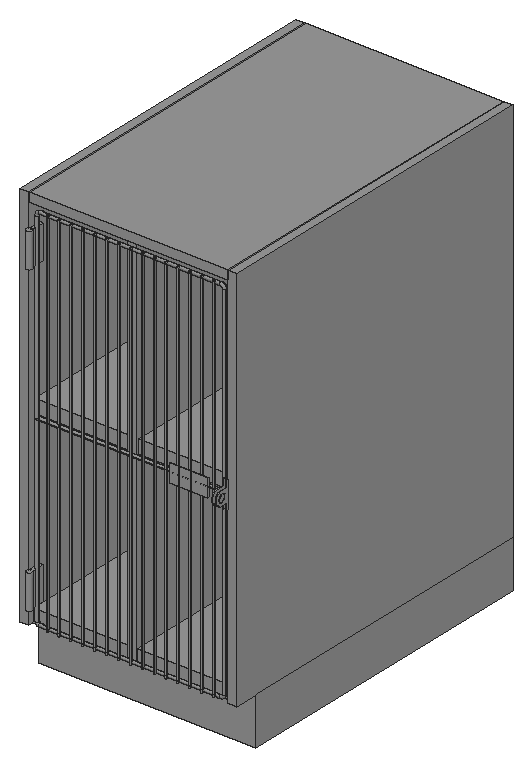
Revit family "TMI_M3090-Music_WireDoors1", category Casework, Revit 2016
Family settings
  OmniClass Number = 23.40.35.14.11
  OmniClass Title = Modular Casework
  Work Plane-Based = No
  Always vertical = Yes
  Cut with Voids When Loaded = No
  Shared = No
  Room Calculation Point = No
Parameters (values of type "18 1/4" x 36-5/8" x 29"")
  URL = "www.tmisystems.com"
  Toe Kick Height = 4"
  Toe Kick Depth = 2"
  Shelf Thickness = 1 1/8"
  Model = "M3090/M5090"
  Manufacturer = "TMI Systems Corporation"
  Interior Finish = none
  Individual Wire Grille Doors [instance] = not(Full Height Wire Grille Door)  # no
  Full Height Wire Grille Door [instance] = yes
  Filler Width (Hinge) [instance] = 3"
  Filler (Pull Side) [instance] = no
  Filler (Hinge Side) [instance] = no
  Filler Width (Pull) [instance] = 3"
  Description = "Clarinet, Flute, Oboe, Piccolo"
  Depth = 29"
  Height = Countertop Height - Countertop Thickness  # 36 5/8"
  Width = 18 1/4"
  Countertop Thickness = 1 1/4"
  Countertop Height = 37 7/8"
  Casework Thickness = 3/4"
  Casework Back Thickness = 1/2"
  Cabinet Finish = Plastic Laminate
  Assembly Code = ""
Types (2): name | Depth
  18 1/4" x 36-5/8" x 29" | 29"
  18 1/4" x 36-5/8" x 39" | 39"
Reference planes (in)
  plane 1 "Back": y = 5
  plane 2: z = 0
  plane 3 "Center (Left/Right)": x = 0.7377
  plane 4 "Left": x = -8.3873
  plane 5 "Right": x = 9.8627
  plane 6 "Front": y = -24
  plane 7 "Top": z = 36.625
  plane 8: y = 4.375
  plane 9: x = -7.6373
  plane 10: x = 9.1127
  plane 11: z = 35.875
  plane 12: y = 4.875
  plane 13: y = -22
  plane 14: z = 4
  plane 15: z = 5.125
  plane 16: x = 0.3627
  plane 17: x = 1.1127
  plane 18: z = 19.75
  plane 19: z = 20.875
  plane 20: y = -23.25
  plane 21: y = -23.625
  plane 22: y = -22.875
  plane 23: y = -21.25
  plane 24: y = -23.49894
  plane 25: z = 35.375
  plane 26: y = -23.60938
Forms (in)
  Extrusion 1, solid, material "Plastic Laminate" <- "Cabinet Finish"
    sketch origin (0, 0.21844, 0) x (1, 0, 0) y (0, 1, 0)
      loop
        line (-8.3873, 4.78156) -> (-8.3873, -24.21844) -> (-7.6373, -24.21844) -> (-7.6373, 4.78156) -> (-8.3873, 4.78156)
      loop
        line (9.1127, 4.78156) -> (9.1127, -24.21844) -> (9.8627, -24.21844) -> (9.8627, 4.78156) -> (9.1127, 4.78156)
    from 4 to 36.625
  Extrusion 2, solid, material "Plastic Laminate" <- "Cabinet Finish"
    sketch origin (0.05747, 11.94613, 0) x (1, 0, 0) y (0, 0, 1)
      loop
        line (-7.69476, 5.125) -> (-7.69476, 4) -> (9.05524, 4) -> (9.05524, 5.125) -> (-7.69476, 5.125)
    from 6.94613 to 35.5555
  Extrusion 3, solid, material "Plastic Laminate" <- "Cabinet Finish"
    sketch origin (0, 0.5, 0) x (1, 0, 0) y (0, 1, 0)
      loop
        line (-7.6373, 4.375) -> (-7.6373, 3.875) -> (9.1127, 3.875) -> (9.1127, 4.375) -> (-7.6373, 4.375)
    from 36.254 to 4.75431
  Extrusion 4, solid, material "Plastic Laminate" <- "Cabinet Finish", visible <- "Filler (Pull Side)"
    sketch origin (0, -24, 0) x (1, 0, 0) y (0, 0, 1)
      loop
        line (9.8627, 36.625) -> (9.8627, 4) -> (12.8627, 4) -> (12.8627, 36.625) -> (9.8627, 36.625)
    from -0.75 to 0
  Extrusion 5, solid, material "Plastic Laminate" <- "Cabinet Finish", visible <- "Filler (Hinge Side)"
    sketch origin (0, -24, 0) x (1, 0, 0) y (0, 0, 1)
      loop
        line (-11.3873, 36.625) -> (-11.3873, 4) -> (-8.3873, 4) -> (-8.3873, 36.625) -> (-11.3873, 36.625)
    from -0.75 to 0
  Extrusion 6, solid, material "Wood"
    sketch origin (0, 0, 0) x (1, 0, 0) y (0, 0, 1)
      loop
        line (9.8627, 4) -> (-8.3873, 4) -> (-8.3873, 0) -> (9.8627, 0) -> (9.8627, 4)
    from -5 to 22
  Extrusion 7, solid, material "Wood", visible <- "Filler (Pull Side)"
    sketch origin (0, 0, 0) x (1, 0, 0) y (0, 0, 1)
      loop
        line (12.8627, 4) -> (9.8627, 4) -> (9.8627, 0) -> (12.8627, 0) -> (12.8627, 4)
    from 21.25 to 22
  Extrusion 8, solid, material "Wood", visible <- "Filler (Hinge Side)"
    sketch origin (0, 0, 0) x (1, 0, 0) y (0, 0, 1)
      loop
        line (-8.3873, 4) -> (-11.3873, 4) -> (-11.3873, 0) -> (-8.3873, 0) -> (-8.3873, 4)
    from 21.25 to 22
  Extrusion 9, solid, material "Plastic Laminate" <- "Cabinet Finish"
    sketch origin (0, -24, 0) x (1, 0, 0) y (0, 0, 1)
      loop
        line (-7.6373, 36.625) -> (-7.6373, 35.875) -> (9.1127, 35.875) -> (9.1127, 36.625) -> (-7.6373, 36.625)
    from -29 to 0
  Extrusion 10, solid, material "Plastic Laminate" <- "Cabinet Finish"
    sketch origin (0, -24, 0) x (1, 0, 0) y (0, 0, 1)
      loop
        line (-7.6373, 20.875) -> (-7.6373, 19.75) -> (9.1127, 19.75) -> (9.1127, 20.875) -> (-7.6373, 20.875)
    from -28.375 to -0.50106
  Extrusion 11, solid, material "Plastic Laminate" <- "Cabinet Finish", visible <- "Individual Wire Grille Doors"
    sketch origin (0, 5, 0) x (1, 0, 0) y (0, 0, 1)
      loop
        line (0.3627, 35.875) -> (0.3627, 4) -> (1.1127, 4) -> (1.1127, 35.875) -> (0.3627, 35.875)
    from 0.625 to 29
  Extrusion 12, solid, material "Plastic Laminate" <- "Cabinet Finish"
    sketch origin (20, 5, 0) x (1, 0, 0) y (0, 0, 1)
      loop
        line (-19.6373, 35.875) -> (-19.6373, 4) -> (-18.8873, 4) -> (-18.8873, 35.875) -> (-19.6373, 35.875)
    from 0.625 to 28.625
Lines and regions (in)
  Masking region 1
    outline origin (0, 0, 0) x (1, 0, 0) y (0, 1, 0)
      loop
        line (-8.3873, 5) -> (-8.3873, -24) -> (9.8627, -24) -> (9.8627, 5) -> (-8.3873, 5)
  Masking region 2, visible <- "Filler (Hinge Side)"
    outline origin (0, 0, 0) x (1, 0, 0) y (0, 1, 0)
      loop
        line (-11.3873, -23.25) -> (-11.3873, -24) -> (-8.3873, -24) -> (-8.3873, -23.25) -> (-11.3873, -23.25)
  Masking region 3, visible <- "Filler (Pull Side)"
    outline origin (0, 0, 0) x (1, 0, 0) y (0, 1, 0)
      loop
        line (9.8627, -23.25) -> (9.8627, -24) -> (12.8627, -24) -> (12.8627, -23.25) -> (9.8627, -23.25)
  symbolic lines, style "CaseworkHiddenLines"
    curve 1: line (0.8002, -24, 0) -> (0.6752, -24, 0)
    curve 2: line (0.6752, -24, 4) -> (0.8002, -24, 4)
Dimensions and locks (in)
  "Width": plane 4 "Left" to plane 5 "Right"
  equal spacing: plane 4 "Left", plane 3 "Center (Left/Right)", plane 5 "Right"  (x2)
  "Casework Thickness": plane 4 "Left" to plane 9
  "Casework Thickness": plane 10 to plane 5 "Right"
  "Casework Thickness": plane 7 "Top" to plane 11
  "Filler Width (Pull)": plane 5 "Right" to Extrusion 4
  "Filler Width (Hinge)": Extrusion 5 to plane 4 "Left"
  "Depth": plane 6 "Front" to plane 1 "Back"
  "Casework Back Thickness": plane 12 to plane 8
  plane 12 to plane 1 "Back" = 1/8"
  locked: plane 11 to Extrusion 3 at 0.379
  locked: plane 15 to Extrusion 3 at 0.37069
  "Toe Kick Depth": plane 6 "Front" to plane 13
  equal spacing: plane 17, plane 3 "Center (Left/Right)", plane 16
  "Casework Thickness": plane 17 to plane 16
  "Shelf Thickness": plane 19 to plane 18
  plane 21 to plane 6 "Front" = 3/8"
  plane 22 to plane 21 = 3/4"
  locked: plane 23 to plane 13 at 0.75
  locked: plane 6 "Front" to plane 20 at 0.75
  "Height": plane 7 "Top" to level
  "Toe Kick Height": plane 14 to level
  "Shelf Thickness": plane 15 to plane 14
  equal spacing: plane 7 "Top", plane 19, plane 15
  locked: plane 6 "Front" to plane 24 at 0.50106
  locked: plane 11 to plane 25 at 0.5
  locked: plane 21 to plane 26 at 0.01562
  aligned and locked: plane 2 to level
  aligned and locked: Extrusion 1 sketch curve to plane 4 "Left"
  aligned and locked: Extrusion 1 sketch curve to plane 9
  aligned and locked: Extrusion 1 sketch curve to plane 10
  aligned and locked: Extrusion 1 sketch curve to plane 5 "Right"
  aligned and locked: Extrusion 1 to plane 1 "Back"  (x2)
  aligned and locked: Extrusion 3 sketch curve to plane 10
  aligned and locked: plane 9 to Extrusion 3 sketch curve
  aligned and locked: plane 7 "Top" to Extrusion 4 sketch curve
  aligned and locked: Extrusion 4 sketch curve to plane 5 "Right"
  aligned and locked: plane 7 "Top" to Extrusion 5 sketch curve
  aligned and locked: Extrusion 7 to Extrusion 6
  aligned and locked: Extrusion 8 to Extrusion 6
  aligned and locked: plane 14 to Extrusion 8
  aligned and locked: plane 14 to Extrusion 6
  aligned and locked: plane 14 to Extrusion 7
  aligned and locked: Extrusion 4 to plane 14
  aligned and locked: Extrusion 5 to plane 14
  aligned and locked: Extrusion 1 to plane 14
  aligned and locked: Extrusion 2 to plane 14
  aligned and locked: plane 15 to Extrusion 2
  aligned and locked: Extrusion 1 to Extrusion 2
  aligned and locked: Extrusion 6 to Extrusion 1
  aligned and locked: Masking region 1 sketch curve to plane 4 "Left"
  aligned and locked: plane 1 "Back" to Masking region 1 sketch curve
  aligned and locked: Masking region 1 sketch curve to plane 5 "Right"
  aligned and locked: Extrusion 1 to plane 7 "Top"
  aligned and locked: Extrusion 7 to plane 13
  aligned and locked: plane 4 "Left" to Masking region 2 sketch curve
  aligned and locked: Masking region 3 sketch curve to plane 5 "Right"
  aligned and locked: plane 6 "Front" to Extrusion 1  (x2)
  aligned and locked: plane 6 "Front" to Masking region 1
  aligned and locked: plane 6 "Front" to Extrusion 4
  aligned and locked: plane 6 "Front" to Extrusion 5
  aligned and locked: plane 23 to Extrusion 7
  aligned and locked: plane 23 to Extrusion 8
  aligned and locked: plane 20 to Extrusion 4
  aligned and locked: plane 20 to Extrusion 5
  aligned and locked: plane 6 "Front" to Masking region 3
  aligned and locked: plane 6 "Front" to Masking region 2
  aligned and locked: Extrusion 4 to Extrusion 7
  aligned and locked: Masking region 3 to Extrusion 4
  aligned and locked: Extrusion 8 to Extrusion 5
  aligned and locked: Masking region 2 to Extrusion 5
  aligned and locked: plane 20 to Masking region 2
  aligned and locked: plane 20 to Masking region 3
  aligned and locked: Extrusion 5 to plane 20
  aligned and locked: Extrusion 3 to plane 8
  aligned and locked: plane 12 to Extrusion 3
  aligned and locked: Extrusion 9 sketch curve to plane 10
  aligned and locked: plane 9 to Extrusion 9 sketch curve
  aligned and locked: Extrusion 9 sketch curve to plane 11
  aligned and locked: plane 7 "Top" to Extrusion 9 sketch curve
  aligned and locked: Extrusion 9 to plane 1 "Back"
  aligned and locked: plane 6 "Front" to Extrusion 9
  aligned and locked: plane 19 to Extrusion 10 sketch curve
  aligned and locked: plane 18 to Extrusion 10 sketch curve
  aligned and locked: plane 9 to Extrusion 10 sketch curve
  aligned and locked: plane 10 to Extrusion 10 sketch curve
  aligned and locked: plane 8 to Extrusion 10
  aligned and locked: plane 24 to Extrusion 10
  aligned and locked: plane 14 to Extrusion 11 sketch curve
  aligned and locked: plane 11 to Extrusion 11 sketch curve
  aligned and locked: plane 17 to Extrusion 11 sketch curve
  aligned and locked: plane 16 to Extrusion 11 sketch curve
  aligned and locked: plane 8 to Extrusion 11
  aligned and locked: plane 6 "Front" to Extrusion 11
  aligned and locked: Extrusion 12 to plane 14
  aligned and locked: Extrusion 12 to plane 11
  aligned and locked: Extrusion 12 to plane 16
  aligned and locked: plane 8 to Extrusion 12
  aligned and locked: plane 21 to Extrusion 12
  aligned and locked: Extrusion 12 to plane 17
  aligned and locked: nested 1 to plane 17
  aligned and locked: nested 1 to plane 14
  aligned and locked: plane 25 to nested 4
  aligned and locked: plane 25 to nested 3
  aligned and locked: nested 2 to plane 14
  aligned and locked: plane 9 to nested 2
  aligned and locked: plane 9 to nested 4
  aligned and locked: nested 3 to plane 17
  aligned and locked: nested 3 to plane 6 "Front"
  aligned and locked: nested 1 to plane 6 "Front"
  aligned and locked: nested 4 to plane 6 "Front"
  aligned and locked: nested 2 to plane 6 "Front"
  aligned and locked: nested 5 to plane 6 "Front"
  aligned and locked: nested 5 to plane 14
  aligned and locked: plane 9 to nested 5
  aligned and locked: plane 26 to Extrusion 2
Automatic sketch dimensions
  curve 1 to level = 0"
  curve 2 to plane 14 = 0"
  curve 1 to plane 3 "Center (Left/Right)" = 1/16"
  curve 2 to plane 3 "Center (Left/Right)" = 1/16"
  plane 3 "Center (Left/Right)" to curve 2 = 1/16"
  plane 3 "Center (Left/Right)" to curve 1 = 1/16"
  plane 6 "Front" to Extrusion 1 sketch curve = 0"  (x2)
  plane 1 "Back" to Extrusion 1 sketch curve = 0"  (x2)
  Extrusion 2 sketch curve to plane 9 = 0"
  plane 10 to Extrusion 2 sketch curve = 0"
  Extrusion 2 sketch curve to plane 14 = 0"
  Extrusion 2 sketch curve to plane 15 = 0"
  Extrusion 3 sketch curve to plane 8 = 0"
  Extrusion 3 sketch curve to plane 12 = 0"
  Extrusion 4 sketch curve to plane 14 = 0"
  Extrusion 4 sketch curve to plane 5 "Right" = 3"
  Extrusion 5 sketch curve to plane 14 = 0"
  plane 4 "Left" to Extrusion 5 sketch curve = 0"
  Extrusion 5 sketch curve to Extrusion 5 sketch curve = 3"
  plane 4 "Left" to Extrusion 6 sketch curve = 0"
  Extrusion 6 sketch curve to level = 0"
  plane 5 "Right" to Extrusion 6 sketch curve = 0"
  Extrusion 6 sketch curve to plane 14 = 0"
  plane 5 "Right" to Extrusion 7 sketch curve = 0"
  Extrusion 7 sketch curve to level = 0"
  Extrusion 7 sketch curve to plane 14 = 0"
  Extrusion 7 sketch curve to plane 5 "Right" = 3"
  Extrusion 8 sketch curve to plane 14 = 0"
  Extrusion 8 sketch curve to level = 0"
  plane 4 "Left" to Extrusion 8 sketch curve = 0"
  Extrusion 8 sketch curve to Extrusion 8 sketch curve = 3"
  plane 6 "Front" to Masking region 1 sketch curve = 0"
  plane 6 "Front" to Masking region 2 sketch curve = 0"
  Masking region 2 sketch curve to plane 20 = 0"
  plane 4 "Left" to Masking region 2 sketch curve = 3"
  plane 6 "Front" to Masking region 3 sketch curve = 0"
  Masking region 3 sketch curve to plane 20 = 0"
  Masking region 3 sketch curve to Masking region 3 sketch curve = 3"
  Extrusion 12 sketch curve to plane 14 = 0"
  Extrusion 12 sketch curve to plane 11 = 0"
  plane 5 "Right" to Extrusion 12 sketch curve = 9 1/2"
  Extrusion 12 sketch curve to Extrusion 12 sketch curve = 3/4"
Nested families (in)
  nested 1: "Individual Wire Grille Doors 27in Wide" at (5.11185, -23.76369, 4), visible <- "Individual Wire Grille Doors", type "Individual Wire Grille Doors 27in Wide"
    with Number of Verticle Bars 6, Bar Spacing 1"
  nested 2: "Individual Wire Grille Doors 27in Wide" at (-3.63815, -23.76369, 4), visible <- "Individual Wire Grille Doors", type "Individual Wire Grille Doors 27in Wide"
    with Number of Verticle Bars 6, Bar Spacing 1"
  nested 3: "Individual Wire Grille Doors 27in Wide" at (5.11185, -23.76369, 19.75), visible <- "Individual Wire Grille Doors", type "Individual Wire Grille Doors 27in Wide"
    with Number of Verticle Bars 6, Bar Spacing 1"
  nested 4: "Individual Wire Grille Doors 27in Wide" at (-3.63815, -23.76369, 19.75), visible <- "Individual Wire Grille Doors", type "Individual Wire Grille Doors 27in Wide"
    with Number of Verticle Bars 6, Bar Spacing 1"
  nested 5: "Full Height Wire Grille Door 18in Wide (Base)" at (5.11185, -23.76369, 4), visible <- "Full Height Wire Grille Door", type "Full Height Wire Grille Door 18in Wide (Base)"
    with Number of Verticle Bars 15, Bar Spacing 1"
Definition of nested family "Individual Wire Grille Doors 27in Wide"
  Parameters (values of type "Individual Wire Grille Doors 27in Wide")
    Width = 7"
    Pull height from Bottom of Casework = 33 13/16"
    Number of Verticle Bars [instance] = (Width / Bar Spacing) - 1  # 6
    Height = 15 5/8"
    Distance of Hinge from Edge of Casework = 2 13/16"
    Bar Spacing [instance] = 1"
  Reference planes (in)
    plane 1 "Center (Front/Back)": y = 0
    plane 2: z = 0
    plane 3 "Center (Left/Right)": x = 0
    plane 4: x = -3.62415
    plane 5: x = -3.37585
    plane 6: z = 15.625
    plane 7: z = 15.375
    plane 8: z = 15.5
    plane 9: x = -3.5
    plane 10: x = 3.63138
    plane 11: x = 3.36862
    plane 12: x = 3.5
    plane 13: z = 0.25
    plane 14: z = 0.125
    plane 15: y = -0.125
    plane 16: z = 7.8125
    plane 17: y = -0.17188
    plane 18: x = -2.5
    plane 19: y = 0.28516
    plane 20: x = 4.00638
    plane 21: y = -0.23631
    plane 22: z = 2.8125
    plane 23: z = 12.8125
    plane 24: z = 8.93853
    plane 25: z = 7.8125
  Forms (in)
    Sweep 1, solid
      path origin (0, 0, 0) x (1, 0, 0) y (0, 0, 1)
        loop
          arc (-3.25, 15.5) -> (-3.42678, 15.42678) -> (-3.5, 15.25) r 0.25
          line (-3.5, 15.25) -> (-3.5, 0.375)
          arc (-3.5, 0.375) -> (-3.42678, 0.19822) -> (-3.25, 0.125) r 0.25
          line (-3.25, 0.125) -> (3.25, 0.125)
          arc (3.25, 0.125) -> (3.42678, 0.19822) -> (3.5, 0.375) r 0.25
          line (3.5, 0.375) -> (3.5, 15.25)
          arc (3.5, 15.25) -> (3.42678, 15.42678) -> (3.25, 15.5) r 0.25
          line (3.25, 15.5) -> (-3.25, 15.5)
      profile "4 Circle : 4 Circle" origin (0, 0, 15.5) x (0, 0, 1) y (0, -1, 0)
        loop
          circle (0, 0) r 0.125
    Extrusion 2, solid
      sketch origin (0, 0, 0) x (0, 1, 0) y (0, 0, 1)
        loop
          circle (0, 7.8125) r 0.125
      from -3.5 to 3.5
    Extrusion 3, solid
      sketch origin (0.0625, 0, 0) x (1, 0, 0) y (0, 1, 0)
        loop
          circle (-2.5625, -0.17188) r 0.0625
      from 0 to 15.625
    Extrusion 4, solid
      sketch origin (1.0625, 0, 0) x (1, 0, 0) y (0, 1, 0)
        loop
          circle (-2.5625, -0.17188) r 0.0625
      from 0 to 15.625
    Extrusion 5, solid
      sketch origin (2.0625, 0, 0) x (1, 0, 0) y (0, 1, 0)
        loop
          circle (-2.5625, -0.17188) r 0.0625
      from 0 to 15.625
    Extrusion 6, solid
      sketch origin (3.0625, 0, 0) x (1, 0, 0) y (0, 1, 0)
        loop
          circle (-2.5625, -0.17188) r 0.0625
      from 0 to 15.625
    Extrusion 7, solid
      sketch origin (4.0625, 0, 0) x (1, 0, 0) y (0, 1, 0)
        loop
          circle (-2.5625, -0.17188) r 0.0625
      from 0 to 15.625
    Extrusion 8, solid
      sketch origin (5.0625, 0, 0) x (1, 0, 0) y (0, 1, 0)
        loop
          circle (-2.5625, -0.17188) r 0.0625
      from 0 to 15.625
    Extrusion 9, solid
      sketch origin (0, 0, 0) x (1, 0, 0) y (0, 0, 1)
        loop
          line (-0.80612, 8.5625) -> (-0.80612, 7.0625) -> (2.38138, 7.0625) -> (2.38138, 8.5625) -> (-0.80612, 8.5625)
      from 0.23631 to 0.33984
  Lines and regions (in)
    model lines
      curve 1: line (3.5, 0, 15.5) -> (-3.5, 0, 7.8125)
      curve 2: line (-3.5, 0, 7.8125) -> (3.5, 0, 0.125)
  Dimensions and locks (in)
    locked: plane 6 to plane 7 at 0.25
    equal spacing: plane 6, plane 8, plane 7
    equal spacing: plane 4, plane 9, plane 5
    locked: plane 4 to plane 5 at 0.24829
    equal spacing: plane 10, plane 12, plane 11
    plane 10 to plane 11 = 0.26276"
    equal spacing: plane 13, plane 14, plane 2
    locked: plane 13 to plane 2 at 0.25
    equal spacing: plane 12, plane 3 "Center (Left/Right)", plane 9
    locked: plane 15 to plane 1 "Center (Front/Back)" at 0.125
    "Width": plane 12 to plane 9
    "Height": plane 6 to plane 2
    plane 8 to plane 14 = 15 3/8"
    "Bar Spacing": plane 9 to plane 18
    locked: plane 15 to plane 17 at 0.04688
    plane 1 "Center (Front/Back)" to plane 19 = 73/256"
    locked: plane 10 to plane 20 at 0.375
    locked: plane 17 to plane 21 at 0.06444
    "Distance of Hinge from Edge of Casework": plane 6 to plane 23
    "Distance of Hinge from Edge of Casework": plane 22 to plane 2
    locked: plane 24 to plane 16 at 1.12603
    equal spacing: group 1, group 2, group 3, group 4, group 5, group 6  (x3)
    equal spacing: plane 6, plane 16, level
    locked: Extrusion 9 sketch curve to Extrusion 9 sketch curve at 3.1875
    locked: Extrusion 9 sketch curve to nested 1 at 1.25
    equal spacing: Extrusion 9 sketch curve, plane 25, Extrusion 9 sketch curve
    locked: Extrusion 9 sketch curve to Extrusion 9 sketch curve at 1.5
    aligned and locked: plane 12 to Sweep 1 sketch curve
    aligned and locked: Sweep 1 sketch curve to plane 8
    aligned and locked: plane 9 to Sweep 1 sketch curve
    aligned and locked: plane 14 to Sweep 1 sketch curve
    aligned and locked: nested 1 to plane 10
    aligned and locked: plane 19 to nested 1
    aligned and locked: plane 19 to nested 2
    aligned and locked: plane 10 to nested 1
    aligned and locked: nested 3 to plane 4
    aligned and locked: nested 3 to plane 21
    aligned and locked: nested 3 to plane 23
    aligned and locked: nested 4 to plane 4
    aligned and locked: nested 4 to plane 21
    aligned and locked: nested 4 to plane 22
    aligned and locked: Extrusion 2 to plane 9
    aligned and locked: Extrusion 2 to plane 12
    aligned and locked: Extrusion 3 to plane 2
    aligned and locked: plane 20 to nested 2
    aligned and locked: plane 17 to Extrusion 3
    aligned and locked: nested 2 to plane 24
    aligned and locked: nested 1 to plane 24
    aligned and locked: plane 6 to Extrusion 3
    aligned and locked: plane 16 to plane 25
    aligned and locked: plane 21 to Extrusion 9
    aligned and locked: nested 1 to Extrusion 9
  Automatic sketch dimensions
    plane 5 to Sweep 1 sketch curve = 0.12585"
    Sweep 1 sketch curve to Sweep 1 sketch curve = 1/4"  (x2)
    plane 11 to Sweep 1 sketch curve = 0.11862"
    Extrusion 2 sketch curve to plane 1 "Center (Front/Back)" = 0"
    Extrusion 2 sketch curve to plane 16 = 0"
    curve 2 to plane 9 = 0"
    plane 12 to curve 2 = 0"
    curve 1 to plane 8 = 0"
    plane 12 to curve 1 = 0"
    curve 2 to plane 14 = 0"
    curve 2 to plane 16 = 0"
    radius of Extrusion 2 sketch curve = 1/8"
    radius of Extrusion 3 sketch curve = 1/16"
    radius of Extrusion 4 sketch curve = 1/16"
    radius of Extrusion 5 sketch curve = 1/16"
    radius of Extrusion 6 sketch curve = 1/16"
    radius of Extrusion 7 sketch curve = 1/16"
    radius of Extrusion 8 sketch curve = 1/16"
  Nested families (in)
    nested 1: "Pad Lock" at (3.63138, -0.33984, 7.81353), type "Pad Lock"
    nested 2: "Pad Lock" at (3.94388, -0.33984, 7.81353), type "Pad Lock"
    nested 3: "5k hinge (music)" at (-3.8429, 0.76369, 11.40625) x (-1, 0, 0) z (0, 0, 1), type "5k hinge (music)"
      with Width 16"
    nested 4: "5k hinge (music)" at (-3.8429, 0.76369, 1.40625) x (-1, 0, 0) z (0, 0, 1), type "5k hinge (music)"
      with Width 16"
  Definition of nested family "Pad Lock"
    Reference planes (in)
      plane 1 "Center (Front/Back)": y = 0
      plane 2: z = 0
      plane 3 "Center (Left/Right)": x = 0
      plane 4: z = 1.125
      plane 5: z = -1.125
      plane 6: y = -1.125
      plane 7: y = 0.625
      plane 8: y = -0.5625
      plane 9: x = 0.0625
    Forms (in)
      Extrusion 1, solid
        sketch origin (0, 0.00036, 0.01611) x (0, 0, 1) y (0, -1, 0)
          loop
            line (0.98389, 0) -> (0.56967, 0) -> (0.56967, 0.56286)
            arc (0.56967, 0.56286) -> (0, 1.13253) -> (-0.56967, 0.56286) r 0.56967
            line (-0.56967, 0.56286) -> (-0.56967, 0) -> (-1.01611, 0)
            arc (-1.01611, 0) -> (-1.1045, -0.03661) -> (-1.14111, -0.125) r 0.125
            line (-1.14111, -0.125) -> (-1.14111, -0.62464) -> (1.10889, -0.62464) -> (1.10889, -0.125)
            arc (1.10889, -0.125) -> (1.07227, -0.03661) -> (0.98389, 0) r 0.125
          loop
            circle (0, 0.56286) r 0.375
        from 0 to 0.0625
    Dimensions and locks (in)
      locked: plane 4 to plane 5 at 2.25
      locked: plane 6 to plane 7 at 1.75
      locked: plane 9 to plane 3 "Center (Left/Right)" at 0.0625
      equal spacing: plane 1 "Center (Front/Back)", plane 8, plane 6
      locked: plane 7 to plane 1 "Center (Front/Back)" at 0.625
      equal spacing: plane 5, plane 2, plane 4
      aligned and locked: plane 2 to level
      aligned and locked: plane 9 to Extrusion 1
    Automatic sketch dimensions
      Extrusion 1 sketch curve to Extrusion 1 sketch curve = 0"  (x2)
      Extrusion 1 sketch curve to plane 5 = 0"
      Extrusion 1 sketch curve to plane 8 = 0"
      plane 4 to Extrusion 1 sketch curve = 0"
      Extrusion 1 sketch curve to plane 7 = 0"
      Extrusion 1 sketch curve to plane 1 "Center (Front/Back)" = 0.00036"
      plane 5 to Extrusion 1 sketch curve = 1/8"
      Extrusion 1 sketch curve to level = 0.55355"
      level to Extrusion 1 sketch curve = 0.01611"
      Extrusion 1 sketch curve to Extrusion 1 sketch curve = 1/8"
      Extrusion 1 sketch curve to plane 1 "Center (Front/Back)" = 0.12536"
      radius of Extrusion 1 sketch curve = 3/8"
  Definition of nested family "5k hinge (music)"
    Parameters (values of type "5k hinge (music)")
      door thickness = 1"
      Width [instance] = 16"
      Hinge Distance from Door = 9/16"
      5K hinge size = 2 13/16"
    Reference planes (in)
      plane 1 "Center (Front/Back)": y = 0
      plane 2: z = 0
      plane 3 "Center (Left/Right)": x = 0
      plane 4: x = -0.15625
      plane 5: y = -1
      plane 6: y = -0.5
      plane 7: y = -1.5625
      plane 8: y = -1.28125
      plane 9: x = 0.15625
      plane 10: z = 2.8125
      plane 11: z = 1.40625
      plane 12: x = -0.21875
    Forms (in)
      Extrusion 1, solid
        sketch origin (-8.15625, 0, 0) x (1, 0, 0) y (0, 1, 0)
          loop
            line (8.15625, -1) -> (8.15625, -1.04949)
            arc (8.15625, -1.04949) -> (7.85521, -1.421) -> (8.3125, -1.28125) r 0.25
            line (8.3125, -1.28125) -> (8.3125, 0) -> (8.15625, 0) -> (7.9375, 0) -> (7.9375, -1) -> (8.15625, -1)
        from 0 to 2.8125
    Dimensions and locks (in)
      equal spacing: plane 1 "Center (Front/Back)", plane 6, plane 5
      "Hinge Distance from Door": plane 5 to plane 7
      equal spacing: plane 5, plane 8, plane 7
      "5K hinge size": plane 10 to plane 2
      "door thickness": plane 1 "Center (Front/Back)" to plane 5
      equal spacing: plane 10, plane 11, plane 2
      equal spacing: plane 4, plane 3 "Center (Left/Right)", plane 9
      plane 4 to plane 9 = 5/16"
      plane 12 to plane 4 = 1/16"
      aligned and locked: plane 2 to level
      aligned and locked: plane 5 to Extrusion 1 sketch curve
      aligned and locked: Extrusion 1 to plane 10
      aligned and locked: plane 9 to Extrusion 1
      aligned and locked: Extrusion 1 to plane 2
      aligned and locked: plane 12 to Extrusion 1 sketch curve
    Automatic sketch dimensions
      Extrusion 1 sketch curve to plane 8 = 0"
      plane 1 "Center (Front/Back)" to Extrusion 1 sketch curve = 0"
      Extrusion 1 sketch curve to plane 9 = 0"
      plane 4 to Extrusion 1 sketch curve = 1/16"
      Extrusion 1 sketch curve to plane 3 "Center (Left/Right)" = 0"  (x2)
Definition of nested family "Full Height Wire Grille Door 18in Wide (Base)"
  Parameters (values of type "Full Height Wire Grille Door 18in Wide (Base)")
    Width = 15 3/4"
    Pull height from Bottom of Casework = 33 13/16"
    Number of Verticle Bars [instance] = (Width / Bar Spacing) - 1  # 15
    Height = 31 3/8"
    Distance of Hinge from Edge of Casework = 2 13/16"
    Bar Spacing [instance] = 1"
  Reference planes (in)
    plane 1 "Center (Front/Back)": y = 0
    plane 2: z = 0
    plane 3 "Center (Left/Right)": x = 0
    plane 4: x = -12.37415
    plane 5: x = -12.12585
    plane 6: z = 31.375
    plane 7: z = 31.125
    plane 8: z = 31.25
    plane 9: x = -12.25
    plane 10: x = 3.63138
    plane 11: x = 3.36862
    plane 12: x = 3.5
    plane 13: z = 0.25
    plane 14: z = 0.125
    plane 15: y = -0.125
    plane 16: z = 15.6875
    plane 17: y = -0.17188
    plane 18: y = 0.28516
    plane 19: x = 4.00638
    plane 20: y = -0.23631
    plane 21: z = 2.8125
    plane 22: z = 28.5625
    plane 23: z = 16.81353
    plane 24: x = -11.25
    plane 25: z = 15.6875
  Forms (in)
    Sweep 1, solid
      path origin (0, 0, 0) x (1, 0, 0) y (0, 0, 1)
        loop
          arc (-12, 31.25) -> (-12.17678, 31.17678) -> (-12.25, 31) r 0.25
          line (-12.25, 31) -> (-12.25, 0.375)
          arc (-12.25, 0.375) -> (-12.17678, 0.19822) -> (-12, 0.125) r 0.25
          line (-12, 0.125) -> (3.25, 0.125)
          arc (3.25, 0.125) -> (3.42678, 0.19822) -> (3.5, 0.375) r 0.25
          line (3.5, 0.375) -> (3.5, 31)
          arc (3.5, 31) -> (3.42678, 31.17678) -> (3.25, 31.25) r 0.25
          line (3.25, 31.25) -> (-12, 31.25)
      profile "4 Circle : 4 Circle" origin (-4.375, 0, 31.25) x (0, 0, 1) y (0, -1, 0)
        loop
          circle (0, 0) r 0.125
    Extrusion 2, solid
      sketch origin (0, 0, 0) x (0, 1, 0) y (0, 0, 1)
        loop
          circle (0, 15.6875) r 0.125
      from -12.25 to 3.5
    Extrusion 3, solid
      sketch origin (0, 0, 0) x (1, 0, 0) y (0, 1, 0)
        loop
          circle (-11.25, -0.17188) r 0.06444
      from 0 to 31.375
    Extrusion 4, solid
      sketch origin (1, 0, 0) x (1, 0, 0) y (0, 1, 0)
        loop
          circle (-11.25, -0.17188) r 0.06444
      from 0 to 31.375
    Extrusion 5, solid
      sketch origin (2, 0, 0) x (1, 0, 0) y (0, 1, 0)
        loop
          circle (-11.25, -0.17188) r 0.06444
      from 0 to 31.375
    Extrusion 6, solid
      sketch origin (3, 0, 0) x (1, 0, 0) y (0, 1, 0)
        loop
          circle (-11.25, -0.17188) r 0.06444
      from 0 to 31.375
    Extrusion 7, solid
      sketch origin (4, 0, 0) x (1, 0, 0) y (0, 1, 0)
        loop
          circle (-11.25, -0.17188) r 0.06444
      from 0 to 31.375
    Extrusion 8, solid
      sketch origin (5, 0, 0) x (1, 0, 0) y (0, 1, 0)
        loop
          circle (-11.25, -0.17188) r 0.06444
      from 0 to 31.375
    Extrusion 9, solid
      sketch origin (6, 0, 0) x (1, 0, 0) y (0, 1, 0)
        loop
          circle (-11.25, -0.17188) r 0.06444
      from 0 to 31.375
    Extrusion 10, solid
      sketch origin (7, 0, 0) x (1, 0, 0) y (0, 1, 0)
        loop
          circle (-11.25, -0.17188) r 0.06444
      from 0 to 31.375
    Extrusion 11, solid
      sketch origin (8, 0, 0) x (1, 0, 0) y (0, 1, 0)
        loop
          circle (-11.25, -0.17188) r 0.06444
      from 0 to 31.375
    Extrusion 12, solid
      sketch origin (9, 0, 0) x (1, 0, 0) y (0, 1, 0)
        loop
          circle (-11.25, -0.17188) r 0.06444
      from 0 to 31.375
    Extrusion 13, solid
      sketch origin (10, 0, 0) x (1, 0, 0) y (0, 1, 0)
        loop
          circle (-11.25, -0.17188) r 0.06444
      from 0 to 31.375
    Extrusion 14, solid
      sketch origin (11, 0, 0) x (1, 0, 0) y (0, 1, 0)
        loop
          circle (-11.25, -0.17188) r 0.06444
      from 0 to 31.375
    Extrusion 15, solid
      sketch origin (12, 0, 0) x (1, 0, 0) y (0, 1, 0)
        loop
          circle (-11.25, -0.17188) r 0.06444
      from 0 to 31.375
    Extrusion 16, solid
      sketch origin (13, 0, 0) x (1, 0, 0) y (0, 1, 0)
        loop
          circle (-11.25, -0.17188) r 0.06444
      from 0 to 31.375
    Extrusion 17, solid
      sketch origin (14, 0, 0) x (1, 0, 0) y (0, 1, 0)
        loop
          circle (-11.25, -0.17188) r 0.06444
      from 0 to 31.375
    Extrusion 18, solid
      sketch origin (2.13149, 0, 0) x (1, 0, 0) y (0, 0, 1)
        loop
          line (-2.93761, 16.4375) -> (-2.93761, 14.9375) -> (0.24989, 14.9375) -> (0.24989, 16.4375) -> (-2.93761, 16.4375)
      from 0.23631 to 0.33984
  Lines and regions (in)
    model lines
      curve 1: line (3.5, 0, 31.25) -> (-12.25, 0, 15.6875)
      curve 2: line (-12.25, 0, 15.6875) -> (3.5, 0, 0.125)
  Dimensions and locks (in)
    equal spacing: plane 4, plane 9, plane 5
    locked: plane 4 to plane 5 at 0.24829
    equal spacing: plane 10, plane 12, plane 11
    plane 10 to plane 11 = 0.26276"
    equal spacing: plane 13, plane 14, plane 2
    locked: plane 13 to plane 2 at 0.25
    locked: plane 15 to plane 1 "Center (Front/Back)" at 0.125
    "Width": plane 12 to plane 9
    plane 8 to plane 14 = 31 1/8"
    locked: plane 15 to plane 17 at 0.04688
    plane 1 "Center (Front/Back)" to plane 18 = 73/256"
    locked: plane 10 to plane 19 at 0.375
    locked: plane 17 to plane 20 at 0.06444
    "Distance of Hinge from Edge of Casework": plane 21 to plane 2
    locked: plane 23 to plane 16 at 1.12603
    "Height": plane 6 to plane 2
    locked: plane 6 to plane 7 at 0.25
    plane 6 to plane 8 to plane 7 = 1/8", 1/8"
    locked: plane 9 to plane 24 at 1
    "Distance of Hinge from Edge of Casework": plane 6 to plane 22
    equal spacing: plane 8, plane 16, plane 14
    equal spacing: group 1, group 2, group 3, group 4, group 5, group 6, group 7, group 8, group 9, group 10, group 11, group 12, group 13, group 14, group 15  (x3)
    locked: Extrusion 18 sketch curve to Extrusion 18 sketch curve at 3.1875
    locked: Extrusion 18 sketch curve to Extrusion 18 sketch curve at 1.5
    equal spacing: Extrusion 18 sketch curve, plane 25, Extrusion 18 sketch curve
    locked: nested 1 to Extrusion 18 at 1.25
    aligned and locked: Sweep 1 sketch curve to plane 12
    aligned and locked: plane 9 to Sweep 1 sketch curve
    aligned and locked: plane 14 to Sweep 1 sketch curve
    aligned and locked: nested 1 to plane 10
    aligned and locked: plane 18 to nested 1
    aligned and locked: plane 18 to nested 2
    aligned and locked: plane 10 to nested 1
    aligned and locked: nested 3 to plane 4
    aligned and locked: plane 20 to nested 3
    aligned and locked: nested 3 to plane 22
    aligned and locked: nested 4 to plane 4
    aligned and locked: plane 20 to nested 4
    aligned and locked: nested 4 to plane 21
    aligned and locked: Extrusion 2 to plane 9
    aligned and locked: Extrusion 2 to plane 12
    aligned and locked: plane 19 to nested 2
    aligned and locked: nested 2 to plane 23
    aligned and locked: nested 1 to plane 23
    aligned and locked: plane 2 to level
    aligned and locked: Extrusion 3 to plane 2
    aligned and locked: plane 6 to Extrusion 3
    aligned and locked: plane 16 to plane 25
    aligned and locked: plane 20 to Extrusion 18
    aligned and locked: nested 1 to Extrusion 18
    aligned and locked: Extrusion 18 to nested 1
  Automatic sketch dimensions
    Extrusion 2 sketch curve to plane 1 "Center (Front/Back)" = 0"
    Extrusion 2 sketch curve to plane 16 = 0"
    plane 5 to Sweep 1 sketch curve = 0.12585"  (x2)
    plane 11 to Sweep 1 sketch curve = 0.11862"  (x2)
    curve 2 to plane 9 = 0"
    plane 12 to curve 2 = 0"
    curve 1 to plane 8 = 0"
    curve 1 to plane 12 = 0"
    curve 2 to plane 14 = 0"
    curve 1 to plane 16 = 0"
    Sweep 1 sketch curve to plane 8 = 0"
    plane 3 "Center (Left/Right)" to Extrusion 18 sketch curve = 2.38138"
    radius of Extrusion 2 sketch curve = 1/8"
    radius of Extrusion 3 sketch curve = 0.06444"
    radius of Extrusion 4 sketch curve = 0.06444"
    radius of Extrusion 5 sketch curve = 0.06444"
    radius of Extrusion 6 sketch curve = 0.06444"
    radius of Extrusion 7 sketch curve = 0.06444"
    radius of Extrusion 8 sketch curve = 0.06444"
    radius of Extrusion 9 sketch curve = 0.06444"
    radius of Extrusion 10 sketch curve = 0.06444"
    radius of Extrusion 11 sketch curve = 0.06444"
    radius of Extrusion 12 sketch curve = 0.06444"
    radius of Extrusion 13 sketch curve = 0.06444"
    radius of Extrusion 14 sketch curve = 0.06444"
    radius of Extrusion 15 sketch curve = 0.06444"
    radius of Extrusion 16 sketch curve = 0.06444"
    radius of Extrusion 17 sketch curve = 0.06444"
  Nested families (in)
    nested 1: "Pad Lock" at (3.63138, -0.33984, 15.68853), type "Pad Lock"
    nested 2: "Pad Lock" at (3.94388, -0.33984, 15.68853), type "Pad Lock"
    nested 3: "5k hinge (music)" at (-12.5929, 0.76369, 27.15625) x (-1, 0, 0) z (0, 0, 1), type "5k hinge (music)"
      with Width 16"
    nested 4: "5k hinge (music)" at (-12.5929, 0.76369, 1.40625) x (-1, 0, 0) z (0, 0, 1), type "5k hinge (music)"
      with Width 16"
  Definition of nested family "Pad Lock"
    Reference planes (in)
      plane 1 "Center (Front/Back)": y = 0
      plane 2: z = 0
      plane 3 "Center (Left/Right)": x = 0
      plane 4: z = 1.125
      plane 5: z = -1.125
      plane 6: y = -1.125
      plane 7: y = 0.625
      plane 8: y = -0.5625
      plane 9: x = 0.0625
    Forms (in)
      Extrusion 1, solid
        sketch origin (0, 0.00036, 0.01611) x (0, 0, 1) y (0, -1, 0)
          loop
            line (0.98389, 0) -> (0.56967, 0) -> (0.56967, 0.56286)
            arc (0.56967, 0.56286) -> (0, 1.13253) -> (-0.56967, 0.56286) r 0.56967
            line (-0.56967, 0.56286) -> (-0.56967, 0) -> (-1.01611, 0)
            arc (-1.01611, 0) -> (-1.1045, -0.03661) -> (-1.14111, -0.125) r 0.125
            line (-1.14111, -0.125) -> (-1.14111, -0.62464) -> (1.10889, -0.62464) -> (1.10889, -0.125)
            arc (1.10889, -0.125) -> (1.07227, -0.03661) -> (0.98389, 0) r 0.125
          loop
            circle (0, 0.56286) r 0.375
        from 0 to 0.0625
    Dimensions and locks (in)
      locked: plane 4 to plane 5 at 2.25
      locked: plane 6 to plane 7 at 1.75
      locked: plane 9 to plane 3 "Center (Left/Right)" at 0.0625
      equal spacing: plane 1 "Center (Front/Back)", plane 8, plane 6
      locked: plane 7 to plane 1 "Center (Front/Back)" at 0.625
      equal spacing: plane 5, plane 2, plane 4
      aligned and locked: plane 2 to level
      aligned and locked: plane 9 to Extrusion 1
    Automatic sketch dimensions
      Extrusion 1 sketch curve to Extrusion 1 sketch curve = 0"  (x2)
      Extrusion 1 sketch curve to plane 5 = 0"
      Extrusion 1 sketch curve to plane 8 = 0"
      plane 4 to Extrusion 1 sketch curve = 0"
      Extrusion 1 sketch curve to plane 7 = 0"
      Extrusion 1 sketch curve to plane 1 "Center (Front/Back)" = 0.00036"
      plane 5 to Extrusion 1 sketch curve = 1/8"
      Extrusion 1 sketch curve to level = 0.55355"
      level to Extrusion 1 sketch curve = 0.01611"
      Extrusion 1 sketch curve to Extrusion 1 sketch curve = 1/8"
      Extrusion 1 sketch curve to plane 1 "Center (Front/Back)" = 0.12536"
      radius of Extrusion 1 sketch curve = 3/8"
  Definition of nested family "5k hinge (music)"
    Parameters (values of type "5k hinge (music)")
      door thickness = 1"
      Width [instance] = 16"
      Hinge Distance from Door = 9/16"
      5K hinge size = 2 13/16"
    Reference planes (in)
      plane 1 "Center (Front/Back)": y = 0
      plane 2: z = 0
      plane 3 "Center (Left/Right)": x = 0
      plane 4: x = -0.15625
      plane 5: y = -1
      plane 6: y = -0.5
      plane 7: y = -1.5625
      plane 8: y = -1.28125
      plane 9: x = 0.15625
      plane 10: z = 2.8125
      plane 11: z = 1.40625
      plane 12: x = -0.21875
    Forms (in)
      Extrusion 1, solid
        sketch origin (-8.15625, 0, 0) x (1, 0, 0) y (0, 1, 0)
          loop
            line (8.15625, -1) -> (8.15625, -1.04949)
            arc (8.15625, -1.04949) -> (7.85521, -1.421) -> (8.3125, -1.28125) r 0.25
            line (8.3125, -1.28125) -> (8.3125, 0) -> (8.15625, 0) -> (7.9375, 0) -> (7.9375, -1) -> (8.15625, -1)
        from 0 to 2.8125
    Dimensions and locks (in)
      equal spacing: plane 1 "Center (Front/Back)", plane 6, plane 5
      "Hinge Distance from Door": plane 5 to plane 7
      equal spacing: plane 5, plane 8, plane 7
      "5K hinge size": plane 10 to plane 2
      "door thickness": plane 1 "Center (Front/Back)" to plane 5
      equal spacing: plane 10, plane 11, plane 2
      equal spacing: plane 4, plane 3 "Center (Left/Right)", plane 9
      plane 4 to plane 9 = 5/16"
      plane 12 to plane 4 = 1/16"
      aligned and locked: plane 2 to level
      aligned and locked: plane 5 to Extrusion 1 sketch curve
      aligned and locked: Extrusion 1 to plane 10
      aligned and locked: plane 9 to Extrusion 1
      aligned and locked: Extrusion 1 to plane 2
      aligned and locked: plane 12 to Extrusion 1 sketch curve
    Automatic sketch dimensions
      Extrusion 1 sketch curve to plane 8 = 0"
      plane 1 "Center (Front/Back)" to Extrusion 1 sketch curve = 0"
      Extrusion 1 sketch curve to plane 9 = 0"
      plane 4 to Extrusion 1 sketch curve = 1/16"
      Extrusion 1 sketch curve to plane 3 "Center (Left/Right)" = 0"  (x2)
